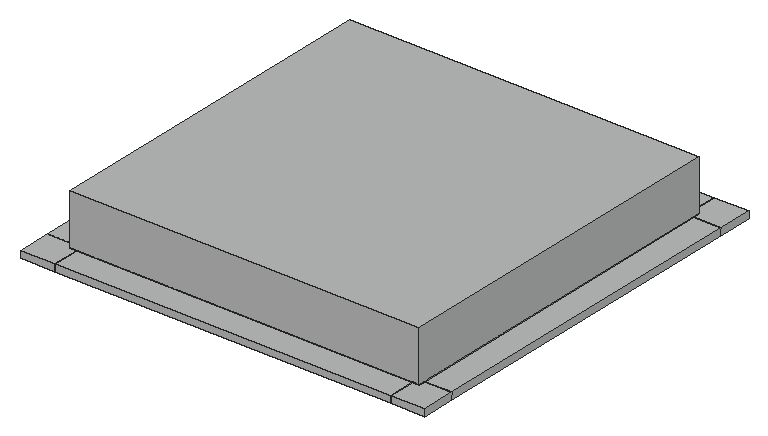
Revit family "ALUMOGIPS", category Осветительные приборы, Revit 2019 (continued)
Types (72, lengths in mm): name | Файл фотометрической сетки | built-in parameter 1150105 | Lumens | built-in parameter 1150106 | built-in parameter 1150142 | Wattage | Emit from Rectangle Width | Emit from Rectangle Length | Длина | Материал светильника | Ширина | ADSK_Ток | ADSK_Полная мощность | ADSK_Обозначение | ADSK_Номинальная мощность | ADSK_Наименование | ADSK_Масса | ADSK_Код изделия
    0.098 0.098 0.098 0.098 0.098 0.098 0.098 0.000 0.000 0.000 0.000 \r\n1417.637 1417.044 1413.295 1407.474 1398.890 1388.135 1374.815 1358.437 1340.184 1319.661 1296.869 1271.808 1244.971 1216.258 1185.673 1153.507 1120.158 1085.131 \r\n1048.823 1011.329 973.046 933.284 893.127 851.884 810.741 768.314 725.888 683.165 639.752 596.240 552.728 509.019 465.902 422.686 379.371 337.044 295.505 254.757 215.388 176.909 \r\n138.232 103.698 70.942 40.157 12.136 0.592 0.592 0.592 0.493 0.493 0.493 0.493 0.493 0.493 0.493 0.395 0.395 0.395 0.395 0.395 0.395 0.395 0.395 0.296 0.296 0.296 0.296 0.296 0.296 0.296 0.296 0.197 \r\n0.197 0.197 0.197 0.197 0.197 0.197 0.197 0.098 0.098 0.098 0.098 0.098 0.098 0.098 0.098 0.000 0.000 0.000 0.000 \r\n1417.637 1416.946 1413.197 1407.376 1398.693 1387.839 1374.520 1358.042 1339.789 1319.168 1296.376 1271.315 1244.477 1215.765 1185.179 1152.915 1119.566 1084.539 \r\n1048.230 1010.638 972.356 932.594 892.436 851.194 810.050 767.623 725.197 682.474 639.160 595.649 552.038 508.427 465.310 422.094 378.878 336.550 295.111 254.362 214.895 176.514 \r\n137.935 103.403 70.744 39.960 11.939 0.592 0.592 0.592 0.493 0.493 0.493 0.493 0.493 0.493 0.493 0.395 0.395 0.395 0.395 0.395 0.395 0.395 0.395 0.296 0.296 0.296 0.296 0.296 0.296 0.296 0.296 0.197 \r\n0.197 0.197 0.197 0.197 0.197 0.197 0.197 0.098 0.098 0.098 0.098 0.098 0.098 0.098 0.098 0.000 0.000 0.000 0.000 \r\n1417.637 1416.946 1413.098 1407.178 1398.495 1387.544 1374.223 1357.747 1339.395 1318.773 1295.882 1270.822 1243.886 1215.174 1184.587 1152.323 1118.974 1083.848 \r\n1047.540 1009.947 971.665 931.903 891.746 850.503 809.359 766.933 724.507 681.784 638.470 594.958 551.445 507.836 464.718 421.502 378.287 336.057 294.617 253.967 214.500 176.119 \r\n137.640 103.106 70.447 39.762 11.741 0.592 0.592 0.592 0.493 0.493 0.493 0.493 0.493 0.493 0.493 0.395 0.395 0.395 0.395 0.395 0.395 0.395 0.395 0.296 0.296 0.296 0.296 0.296 0.296 0.296 0.296 0.197 \r\n0.197 0.197 0.197 0.197 0.197 0.197 0.197 0.098 0.098 0.098 0.098 0.098 0.098 0.098 0.098 0.000 0.000 0.000 0.000 \r\n1417.637 1416.848 1412.999 1407.079 1398.298 1387.247 1373.829 1357.352 1339.000 1318.378 1295.488 1270.327 1243.392 1214.680 1183.995 1151.731 1118.283 1083.257 \r\n1046.849 1009.257 970.975 931.113 891.055 849.813 808.668 766.242 723.914 681.093 637.779 594.266 550.755 507.145 464.126 421.009 377.793 335.564 294.222 253.474 214.105 175.823 \r\n137.343 102.810 70.250 39.467 11.445 0.592 0.592 0.592 0.493 0.493 0.493 0.493 0.493 0.493 0.493 0.395 0.395 0.395 0.395 0.395 0.395 0.395 0.395 0.296 0.296 0.296 0.296 0.296 0.296 0.296 0.296 0.197 \r\n0.197 0.197 0.197 0.197 0.197 0.197 0.197 0.098 0.098 0.098 0.098 0.098 0.098 0.098 0.098 0.000 0.000 0.000 0.000 \r\n1417.637 1416.848 1412.901 1406.882 1398.002 1387.051 1373.533 1356.957 1338.605 1317.983 1294.994 1269.834 1242.899 1214.089 1183.403 1151.041 1117.692 1082.665 \r\n1046.257 1008.566 970.284 930.423 890.266 849.121 807.978 765.552 723.224 680.403 637.187 593.675 550.163 506.553 463.534 420.416 377.300 335.071 293.729 253.079 213.712 175.429 \r\n136.949 102.515 69.954 39.269 11.248 0.592 0.592 0.592 0.493 0.493 0.493 0.493 0.493 0.493 0.493 0.395 0.395 0.395 0.395 0.395 0.395 0.395 0.395 0.296 0.296 0.296 0.296 0.296 0.296 0.296 0.296 0.197 \r\n0.197 0.197 0.197 0.197 0.197 0.197 0.197 0.098 0.098 0.098 0.098 0.098 0.098 0.098 0.098 0.000 0.000 0.000 0.000 \r\n1417.637 1416.749 1412.802 1406.684 1397.805 1386.754 1373.237 1356.661 1338.210 1317.589 1294.599 1269.341 1242.406 1213.496 1182.811 1150.448 1117.099 1081.974 \r\n1045.566 1007.974 969.593 929.732 889.575 848.333 807.287 764.861 722.533 679.712 636.496 592.985 549.472 505.960 462.942 419.825 376.707 334.577 293.236 252.684 213.317 175.034 \r\n136.652 102.218 69.659 39.072 11.051 0.592 0.592 0.592 0.493 0.493 0.493 0.493 0.493 0.493 0.493 0.395 0.395 0.395 0.395 0.395 0.395 0.395 0.395 0.296 0.296 0.296 0.296 0.296 0.296 0.296 0.296 0.197 \r\n0.197 0.197 0.197 0.197 0.197 0.197 0.197 0.098 0.098 0.098 0.098 0.098 0.098 0.098 0.098 0.000 0.000 0.000 0.000 \r\n1417.637 1416.749 1412.704 1406.586 1397.607 1386.458 1372.941 1356.266 1337.815 1317.095 1294.106 1268.848 1241.813 1213.003 1182.219 1149.856 1116.409 1081.382 \r\n1044.876 1007.283 968.902 929.042 888.885 847.642 806.597 764.170 721.843 679.120 635.806 592.293 548.881 505.368 462.351 419.332 376.214 334.084 292.841 252.191 212.922 174.738 \r\n136.357 101.922 69.461 38.776 10.853 0.592 0.592 0.592 0.493 0.493 0.493 0.493 0.493 0.493 0.493 0.395 0.395 0.395 0.395 0.395 0.395 0.395 0.395 0.296 0.296 0.296 0.296 0.296 0.296 0.296 0.296 0.197 \r\n0.197 0.197 0.197 0.197 0.197 0.197 0.197 0.098 0.098 0.098 0.098 0.098 0.098 0.098 0.098 0.000 0.000 0.000 0.000 \r\n1417.637 1416.650 1412.604 1406.389 1397.311 1386.162 1372.546 1355.871 1337.421 1316.701 1293.613 1268.355 1241.320 1212.411 1181.627 1149.265 1115.816 1080.691 \r\n1044.284 1006.593 968.212 928.351 888.194 846.951 805.906 763.479 721.151 678.429 635.213 591.702 548.190 504.777 461.758 418.740 375.721 333.591 292.348 251.796 212.527 174.343 \r\n135.962 101.627 69.165 38.579 10.557 0.592 0.592 0.592 0.493 0.493 0.493 0.493 0.493 0.493 0.493 0.395 0.395 0.395 0.395 0.395 0.395 0.395 0.395 0.296 0.296 0.296 0.296 0.296 0.296 0.296 0.296 0.197 \r\n0.197 0.197 0.197 0.197 0.197 0.197 0.197 0.098 0.098 0.098 0.098 0.098 0.098 0.098 0.098 0.000 0.000 0.000 0.000 \r\n1417.637 1416.650 1412.506 1406.191 1397.114 1385.866 1372.250 1355.576 1337.027 1316.307 1293.218 1267.861 1240.827 1211.918 1181.035 1148.672 1115.225 1080.099 \r\n1043.593 1005.902 967.620 927.660 887.503 846.260 805.215 762.789 720.461 677.739 634.523 591.011 547.598 504.086 461.166 418.247 375.129 333.098 291.855 251.401 212.132 173.948 \r\n135.666 101.429 68.968 38.381 10.360 0.592 0.592 0.592 0.493 0.493 0.493 0.493 0.493 0.493 0.493 0.493 0.395 0.395 0.395 0.395 0.395 0.395 0.395 0.296 0.296 0.296 0.296 0.296 0.296 0.296 0.296 0.197 \r\n0.197 0.197 0.197 0.197 0.197 0.197 0.197 0.098 0.098 0.098 0.098 0.098 0.098 0.098 0.098 0.000 0.000 0.000 0.000 \r\n1417.637 1416.650 1412.407 1406.093 1396.917 1385.669 1371.954 1355.181 1336.632 1315.912 1292.725 1267.368 1240.334 1211.325 1180.443 1147.982 1114.633 1079.409 \r\n1042.903 1005.212 966.929 926.969 886.812 845.569 804.524 762.098 719.770 677.048 633.832 590.320 546.907 503.494 460.574 417.654 374.636 332.603 291.460 250.908 211.738 173.653 \r\n135.371 101.133 68.671 38.086 10.163 0.592 0.592 0.592 0.493 0.493 0.493 0.493 0.493 0.493 0.493 0.493 0.395 0.395 0.395 0.395 0.395 0.395 0.395 0.296 0.296 0.296 0.296 0.296 0.296 0.296 0.296 0.197 \r\n0.197 0.197 0.197 0.197 0.197 0.197 0.197 0.098 0.098 0.098 0.098 0.098 0.098 0.098 0.098 0.000 0.000 0.000 0.000 \r\n1417.637 1416.551 1412.309 1405.895 1396.621 1385.373 1371.559 1354.786 1336.237 1315.419 1292.232 1266.875 1239.742 1210.733 1179.851 1147.390 1113.942 1078.816 \r\n1042.310 1004.521 966.238 926.279 886.121 844.879 803.834 761.408 719.080 676.357 633.240 589.728 546.315 502.902 459.982 417.062 374.043 332.110 290.967 250.513 211.343 173.258 \r\n135.074 100.837 68.376 37.888 9.965 0.592 0.592 0.592 0.493 0.493 0.493 0.493 0.493 0.493 0.493 0.493 0.395 0.395 0.395 0.395 0.395 0.395 0.395 0.296 0.296 0.296 0.296 0.296 0.296 0.296 0.296 0.197 \r\n0.197 0.197 0.197 0.197 0.197 0.197 0.197 0.098 0.098 0.098 0.098 0.098 0.098 0.098 0.098 0.000 0.000 0.000 0.000 \r\n1417.637 1416.551 1412.111 1405.796 1396.423 1385.077 1371.264 1354.391 1335.842 1315.024 1291.837 1266.382 1239.248 1210.240 1179.259 1146.798 1113.350 1078.126 \r\n1041.620 1003.831 965.548 925.588 885.431 844.090 803.143 760.717 718.389 675.666 632.549 589.038 545.723 502.310 459.390 416.569 373.550 331.617 290.474 250.119 210.948 172.863 \r\n134.679 100.541 68.178 37.591 9.669 0.592 0.592 0.592 0.493 0.493 0.493 0.493 0.493 0.493 0.493 0.493 0.395 0.395 0.395 0.395 0.395 0.395 0.395 0.296 0.296 0.296 0.296 0.296 0.296 0.296 0.296 0.197 \r\n0.197 0.197 0.197 0.197 0.197 0.197 0.197 0.098 0.098 0.098 0.098 0.098 0.098 0.098 0.098 0.000 0.000 0.000 0.000 \r\n1417.637 1416.453 1412.013 1405.600 1396.226 1384.781 1370.968 1354.095 1335.448 1314.629 1291.344 1265.888 1238.754 1209.648 1178.667 1146.206 1112.758 1077.534 \r\n1040.929 1003.140 964.857 924.898 884.740 843.400 802.453 760.026 717.698 674.976 631.859 588.446 545.032 501.718 458.798 415.977 373.057 331.124 290.079 249.625 210.553 172.567 \r\n134.383 100.245 67.883 37.394 9.472 0.592 0.592 0.592 0.493 0.493 0.493 0.493 0.493 0.493 0.493 0.493 0.395 0.395 0.395 0.395 0.395 0.395 0.395 0.296 0.296 0.296 0.296 0.296 0.296 0.296 0.296 0.197 \r\n0.197 0.197 0.197 0.197 0.197 0.197 0.197 0.098 0.098 0.098 0.098 0.098 0.098 0.098 0.098 0.000 0.000 0.000 0.000 \r\n1417.637 1416.453 1411.914 1405.402 1395.930 1384.583 1370.671 1353.701 1335.053 1314.234 1290.850 1265.395 1238.261 1209.155 1178.075 1145.515 1112.067 1076.844 \r\n1040.239 1002.548 964.167 924.207 883.951 842.708 801.762 759.336 717.008 674.383 631.267 587.755 544.441 501.126 458.206 415.385 372.465 330.631 289.585 249.231 210.160 172.172 \r\n134.088 99.949 67.685 37.198 9.275 0.592 0.592 0.592 0.493 0.493 0.493 0.493 0.493 0.493 0.493 0.493 0.395 0.395 0.395 0.395 0.395 0.395 0.395 0.296 0.296 0.296 0.296 0.296 0.296 0.296 0.296 0.197 \r\n0.197 0.197 0.197 0.197 0.197 0.197 0.197 0.098 0.098 0.098 0.098 0.098 0.098 0.098 0.098 0.000 0.000 0.000 0.000 \r\n1417.637 1416.354 1411.816 1405.303 1395.733 1384.288 1370.276 1353.307 1334.658 1313.741 1290.456 1264.901 1237.669 1208.563 1177.582 1144.923 1111.476 1076.252 \r\n1039.646 1001.857 963.476 923.417 883.260 842.018 801.072 758.644 716.317 673.693 630.576 587.064 543.749 500.435 457.614 414.891 371.972 330.137 289.191 248.836 209.765 171.778 \r\n133.693 99.653 67.389 36.901 9.077 0.592 0.592 0.592 0.493 0.493 0.493 0.493 0.493 0.493 0.493 0.493 0.395 0.395 0.395 0.395 0.395 0.395 0.395 0.296 0.296 0.296 0.296 0.296 0.296 0.296 0.296 0.197 \r\n0.197 0.197 0.197 0.197 0.197 0.197 0.197 0.098 0.098 0.098 0.098 0.098 0.098 0.098 0.098 0.000 0.000 0.000 0.000 \r\n" | 25.582 W | 275 | 1175 | 1195 | RAL 9001 | 295 | 0.179584 A | 41.3043 VA | "Alumogips-38/opal-sand 295х1195 (IP54, 4000К, белый)" | 38 W | "Встраиваемый светодиодный светильник Alumogips-38/opal-sand 295х1195 (IP54, 4000К, белый) c БАП на 1 час" | 2.5 | "ЦБ000008014"
